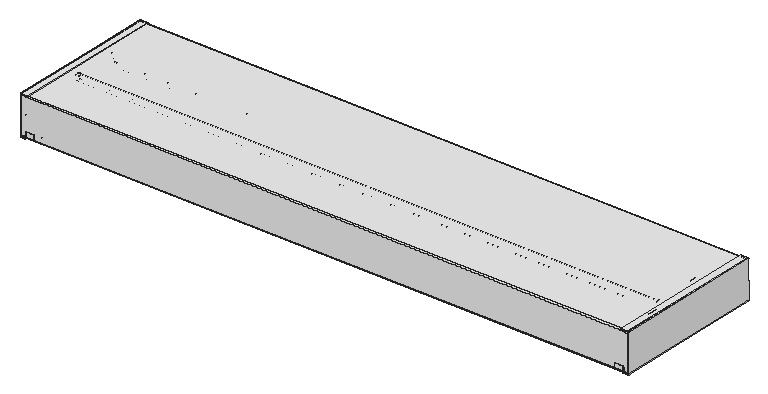
Revit family "LSTH", category Lighting Fixtures, host Ceiling, Revit 2019
Family settings
  Host = Ceiling
  Round Connector Dimension = Use Diameter
  Part Type = Normal
  OmniClass Number = 23.80.70.11.14.17
  OmniClass Title = Direct/Indirect
  Always vertical = Yes
  Cut with Voids When Loaded = No
  Light Source = Yes
  Shared = No
  Room Calculation Point = No
Parameters (values of type "LSTH1x4-LED840K040LUNV")
  Width = 0' - 11 3/4"
  Wattage = 33 W
  built-in parameter 1150110 = 1 (stored number, unit not read)
  Voltage = 120 V
  URL = "https://www.viscor.com/en/products/lsth"
  built-in parameter 1114217 = 0.9 (stored number, unit not read)
  Tilt Angle = 90.00°
  built-in parameter 1150109 = 1 (stored number, unit not read)
  built-in parameter 1150134 = 12
  built-in parameter 1150113 = 1 (stored number, unit not read)
  Reflector Width = Width / 2  # 0' - 5 7/8"
  Photometric Web File = "LSTH1x4-LED840K040LUNV.IES"
  Model = "LSTH"  # constant formula
  Manufacturer = "VISIONEERING by VISCOR"  # constant formula
  Lumens = 4092 lm
  built-in parameter 1150115 = 1 (stored number, unit not read)
  built-in parameter 1150105 = 325.63 (stored number, unit not read)
  built-in parameter 1150137 = (empty or 0)
  built-in parameter 1150139 = (empty or 0)
  Lens Finish = Acrylic - Viscor - Frosted White Impact Resistant
  Length = 3' - 11 3/4"
  Lamp Wattage = 33 VA
  built-in parameter 1150112 = 1 (stored number, unit not read)
  built-in parameter 1150114 = 1 (stored number, unit not read)
  Lamp = "LED"  # constant formula
  built-in parameter 1150132 = (empty or 0)
  built-in parameter 1150102 = (empty or 0)
  built-in parameter 1150138 = (empty or 0)
  built-in parameter 1150107 = 4000 (stored number, unit not read)
  built-in parameter 1150106 = 3.2563 (stored number, unit not read)
  Housing Finish = Metal - Viscor - White
  Emit from Rectangle Width = Width  # 0' - 11 3/4"
  Emit from Rectangle Length = Length  # 3' - 11 3/4"
  Emit Shape Visible in Rendering = no
  built-in parameter 1150104 = 11.52 (stored number, unit not read)
  Dimming Lamp Color Temperature Shift = <None>
  Description = "LED Surface  Type H"  # constant formula
  Color Filter = 16777215
  built-in parameter 1114218 = 1 (stored number, unit not read)
  built-in parameter 1150133 = 10 (stored number, unit not read)
  Assembly Code = "D5020200"
  Apparent Load = Lamp Wattage  # 33 VA
Types (5): name | Width | Wattage | Reflector Width | Photometric Web File | Lumens | built-in parameter 1150105 | Length | Lamp Wattage | built-in parameter 1150106 | Emit from Rectangle Width | Emit from Rectangle Length | built-in parameter 1150104 | Apparent Load
  (no name) | 0' - 11 3/4" | 33 W | 0' - 5 7/8" | "LSTH1x4-LED840K040LUNV.IES" | 4092 lm | 325.63 (stored number, unit not read) | 3' - 11 3/4" | 33 VA | 3.2563 (stored number, unit not read) | 0' - 11 3/4" | 3' - 11 3/4" | 11.52 (stored number, unit not read) | 33 VA
  LSTH2X2-LED840K020LUNV | 1' - 11 3/4" | 14 W | 0' - 11 7/8" | "LSTH2X2-LED840K020LUNV.ies" | 2016 lm | 160.43 (stored number, unit not read) | 1' - 11 3/4" | 14 VA | 1.6043 (stored number, unit not read) | 1' - 11 3/4" | 1' - 11 3/4" | 13.378 (stored number, unit not read) | 14 VA
  LSTH1x4-LED840K040LUNV | 0' - 11 3/4" | 33 W | 0' - 5 7/8" | "LSTH1x4-LED840K040LUNV.IES" | 4092 lm | 325.63 (stored number, unit not read) | 3' - 11 3/4" | 33 VA | 3.2563 (stored number, unit not read) | 0' - 11 3/4" | 3' - 11 3/4" | 11.52 (stored number, unit not read) | 33 VA
  LSTH2x4-LED840K040LUNV | 1' - 11 3/4" | 30 W | 0' - 11 7/8" | "LSTH2x4-LED840K040LUNV.IES" | 3780 lm | 300.8 (stored number, unit not read) | 3' - 11 3/4" | 30 VA | 3.008 (stored number, unit not read) | 1' - 11 3/4" | 3' - 11 3/4" | 11.706 (stored number, unit not read) | 30 VA
  LSTH2X2-LED840K032LUNV | 1' - 11 3/4" | 23 W | 0' - 11 7/8" | "LSTH2X2-LED840K032LUNV.ies" | 3197 lm | 254.41 (stored number, unit not read) | 1' - 11 3/4" | 23 VA | 2.5441 (stored number, unit not read) | 1' - 11 3/4" | 1' - 11 3/4" | 12.914 (stored number, unit not read) | 23 VA
Reference planes (in)
  plane 1 "Light Source Axis (F/B)": y = 0
  plane 2 "Ceiling": z = 96
  plane 3 "Light Source Axis (L/R)": x = 0
  plane 4 "Light Source Elevation": z = 92.76562
  plane 5: y = 5.875
  plane 6: y = -5.875
  plane 7: x = -23.875
  plane 8: x = 23.875
  plane 9 "FixtureHeight": z = 92.845
  plane 10: x = -23.8125
  plane 11: x = 23.8125
  plane 12: x = -23.438
  plane 13: x = 23.438
  plane 14: y = 5.438
  plane 15: y = -5.438
  plane 16: x = -22.8125
  plane 17: x = 22.8125
Forms (in)
  Extrusion 1, void
    sketch origin (0, 0, 96) x (1, 0, 0) y (0, 1, 0)
      loop
        line (-23.875, -5.875) -> (23.875, -5.875) -> (23.875, 5.875) -> (-23.875, 5.875) -> (-23.875, -5.875)
    from -3.23438 to 0.53094
  Extrusion 2, solid, material "Metal - Viscor - White" <- "Housing Finish"
    sketch origin (0, 0, 0) x (1, 0, 0) y (0, 0, 1)
      loop
        arc (-23.507, 92.845) -> (-23.45821, 92.86521) -> (-23.438, 92.914) r 0.069
        line (-23.438, 92.914) -> (-23.438, 93.189) -> (-23.46925, 93.189) -> (-23.46925, 92.914)
        arc (-23.46925, 92.914) -> (-23.48031, 92.88731) -> (-23.507, 92.87625) r 0.03775
        line (-23.507, 92.87625) -> (-23.806, 92.87625)
        arc (-23.806, 92.87625) -> (-23.83269, 92.88731) -> (-23.84375, 92.914) r 0.03775
        line (-23.84375, 92.914) -> (-23.84375, 95.838)
        arc (-23.84375, 95.838) -> (-23.83269, 95.86469) -> (-23.806, 95.87575) r 0.03775
        line (-23.806, 95.87575) -> (-23.25, 95.87575) -> (-23.25, 95.907) -> (-23.806, 95.907)
        arc (-23.806, 95.907) -> (-23.85479, 95.88679) -> (-23.875, 95.838) r 0.069
        line (-23.875, 95.838) -> (-23.875, 92.914)
        arc (-23.875, 92.914) -> (-23.85479, 92.86521) -> (-23.806, 92.845) r 0.069
        line (-23.806, 92.845) -> (-23.507, 92.845)
    from -5.875 to 5.875
  Extrusion 3, solid, material "Metal - Viscor - White" <- "Housing Finish"
    sketch origin (0, 0, 0) x (-1, 0, 0) y (0, 0, -1)
      loop
        line (-23.507, -92.845) -> (-23.806, -92.845)
        arc (-23.806, -92.845) -> (-23.85479, -92.86521) -> (-23.875, -92.914) r 0.069
        line (-23.875, -92.914) -> (-23.875, -95.838)
        arc (-23.875, -95.838) -> (-23.85479, -95.88679) -> (-23.806, -95.907) r 0.069
        line (-23.806, -95.907) -> (-23.25, -95.907) -> (-23.25, -95.87575) -> (-23.806, -95.87575)
        arc (-23.806, -95.87575) -> (-23.83269, -95.86469) -> (-23.84375, -95.838) r 0.03775
        line (-23.84375, -95.838) -> (-23.84375, -92.914)
        arc (-23.84375, -92.914) -> (-23.83269, -92.88731) -> (-23.806, -92.87625) r 0.03775
        line (-23.806, -92.87625) -> (-23.507, -92.87625)
        arc (-23.507, -92.87625) -> (-23.48031, -92.88731) -> (-23.46925, -92.914) r 0.03775
        line (-23.46925, -92.914) -> (-23.46925, -93.189) -> (-23.438, -93.189) -> (-23.438, -92.914)
        arc (-23.438, -92.914) -> (-23.45821, -92.86521) -> (-23.507, -92.845) r 0.069
    from -5.875 to 5.875
  Extrusion 4, solid, material "Metal - Viscor - White" <- "Housing Finish"
    sketch origin (0, 0, 0) x (0, 1, 0) y (0, 0, 1)
      loop
        line (5.50687, 92.875) -> (5.80687, 92.875)
        arc (5.80687, 92.875) -> (5.85566, 92.89521) -> (5.87587, 92.944) r 0.069
        line (5.87587, 92.944) -> (5.87587, 95.806)
        arc (5.87587, 95.806) -> (5.85446, 95.85596) -> (5.80352, 95.87492) r 0.069
        line (5.80352, 95.87492) -> (-5.80515, 95.87492)
        arc (-5.80515, 95.87492) -> (-5.85391, 95.85472) -> (-5.87411, 95.80596) r 0.06896
        line (-5.87411, 95.80596) -> (-5.87411, 92.94399)
        arc (-5.87411, 92.94399) -> (-5.8539, 92.89521) -> (-5.80512, 92.87501) r 0.06899
        line (-5.80512, 92.87501) -> (-5.50513, 92.87501)
        arc (-5.50513, 92.87501) -> (-5.45634, 92.89521) -> (-5.43613, 92.944) r 0.069
        line (-5.43613, 92.944) -> (-5.43613, 93.616)
        arc (-5.43613, 93.616) -> (-5.42471, 93.64358) -> (-5.39713, 93.655) r 0.039
        line (-5.39713, 93.655) -> (-4.85013, 93.655) -> (-4.85013, 93.68625) -> (-5.39713, 93.68625)
        arc (-5.39713, 93.68625) -> (-5.4468, 93.66567) -> (-5.46738, 93.616) r 0.07025
        line (-5.46738, 93.616) -> (-5.46738, 92.944)
        arc (-5.46738, 92.944) -> (-5.47843, 92.91731) -> (-5.50513, 92.90626) r 0.03775
        line (-5.50513, 92.90626) -> (-5.80512, 92.90626)
        arc (-5.80512, 92.90626) -> (-5.8318, 92.91731) -> (-5.84286, 92.94399) r 0.03774
        line (-5.84286, 92.94399) -> (-5.84286, 95.80596)
        arc (-5.84286, 95.80596) -> (-5.83181, 95.83262) -> (-5.80515, 95.84367) r 0.03771
        line (-5.80515, 95.84367) -> (5.80439, 95.84367)
        arc (5.80439, 95.84367) -> (5.83267, 95.83356) -> (5.84462, 95.806) r 0.03775
        line (5.84462, 95.806) -> (5.84462, 92.944)
        arc (5.84462, 92.944) -> (5.83357, 92.91731) -> (5.80687, 92.90625) r 0.03775
        line (5.80687, 92.90625) -> (5.50687, 92.90625)
        arc (5.50687, 92.90625) -> (5.48018, 92.91731) -> (5.46912, 92.944) r 0.03775
        line (5.46912, 92.944) -> (5.46912, 93.616)
        arc (5.46912, 93.616) -> (5.44855, 93.66567) -> (5.39887, 93.68625) r 0.07025
        line (5.39887, 93.68625) -> (4.85188, 93.68625) -> (4.85188, 93.655) -> (5.39887, 93.655)
        arc (5.39887, 93.655) -> (5.42645, 93.64358) -> (5.43787, 93.616) r 0.039
        line (5.43787, 93.616) -> (5.43787, 92.944)
        arc (5.43787, 92.944) -> (5.45808, 92.89521) -> (5.50687, 92.875) r 0.069
    from -23.8125 to 23.8125
  Extrusion 5, solid, material "Metal - Viscor - White" <- "Housing Finish"
    sketch origin (0, 0, 0) x (0, 1, 0) y (0, 0, 1)
      loop
        line (1.93837, 95.845) -> (1.60237, 95.845)
        arc (1.60237, 95.845) -> (1.55358, 95.82479) -> (1.53337, 95.776) r 0.069
        line (1.53337, 95.776) -> (1.53337, 95.634)
        arc (1.53337, 95.634) -> (1.52195, 95.60642) -> (1.49437, 95.595) r 0.039
        line (1.49437, 95.595) -> (-1.49263, 95.595)
        arc (-1.49263, 95.595) -> (-1.5202, 95.60642) -> (-1.53163, 95.634) r 0.039
        line (-1.53163, 95.634) -> (-1.53163, 95.776)
        arc (-1.53163, 95.776) -> (-1.55184, 95.82479) -> (-1.60063, 95.845) r 0.069
        line (-1.60063, 95.845) -> (-1.93663, 95.845) -> (-1.93663, 95.81375) -> (-1.60063, 95.81375)
        arc (-1.60063, 95.81375) -> (-1.57393, 95.80269) -> (-1.56288, 95.776) r 0.03775
        line (-1.56288, 95.776) -> (-1.56288, 95.634)
        arc (-1.56288, 95.634) -> (-1.5423, 95.58433) -> (-1.49263, 95.56375) r 0.07025
        line (-1.49263, 95.56375) -> (1.49437, 95.56375)
        arc (1.49437, 95.56375) -> (1.54405, 95.58433) -> (1.56462, 95.634) r 0.07025
        line (1.56462, 95.634) -> (1.56462, 95.776)
        arc (1.56462, 95.776) -> (1.57568, 95.80269) -> (1.60237, 95.81375) r 0.03775
        line (1.60237, 95.81375) -> (1.93837, 95.81375) -> (1.93837, 95.845)
    from -22.8125 to 22.8125
  Extrusion 6, solid, material "Metal - Viscor - White" <- "Housing Finish"
    sketch origin (0, 0, 0) x (0, 1, 0) y (0, 0, 1)
      loop
        line (4.84187, 92.875) -> (5.27987, 92.875)
        arc (5.27987, 92.875) -> (5.32371, 92.89316) -> (5.34187, 92.937) r 0.062
        line (5.34187, 92.937) -> (5.34187, 93.501)
        arc (5.34187, 93.501) -> (5.32371, 93.54484) -> (5.27987, 93.563) r 0.062
        line (5.27987, 93.563) -> (5.09187, 93.563) -> (5.09187, 93.53175) -> (5.27987, 93.53175)
        arc (5.27987, 93.53175) -> (5.30162, 93.52274) -> (5.31062, 93.501) r 0.03075
        line (5.31062, 93.501) -> (5.31062, 92.937)
        arc (5.31062, 92.937) -> (5.30162, 92.91526) -> (5.27987, 92.90625) r 0.03075
        line (5.27987, 92.90625) -> (4.8456, 92.90625) -> (1.98211, 95.05215) -> (1.57158, 95.09099)
        arc (1.57158, 95.09099) -> (1.54935, 95.11683) -> (1.56463, 95.1473) r 0.03075
        line (1.56463, 95.1473) -> (1.83557, 95.302) -> (1.82008, 95.32914) -> (1.54913, 95.17444)
        arc (1.54913, 95.17444) -> (1.51856, 95.11137) -> (1.56634, 95.06009) r 0.062
        line (1.56634, 95.06009) -> (1.97693, 95.02125) -> (4.84187, 92.875)
    from -22.8125 to 22.8125
  Extrusion 7, solid, material "Metal - Viscor - White" <- "Housing Finish"
    sketch origin (0, 0, 0) x (0, -1, 0) y (0, 0, -1)
      loop
        line (4.84187, -92.875) -> (1.97693, -95.02125) -> (1.56634, -95.06009)
        arc (1.56634, -95.06009) -> (1.51856, -95.11137) -> (1.54913, -95.17444) r 0.062
        line (1.54913, -95.17444) -> (1.82008, -95.32914) -> (1.83557, -95.302) -> (1.56463, -95.1473)
        arc (1.56463, -95.1473) -> (1.54935, -95.11683) -> (1.57158, -95.09099) r 0.03075
        line (1.57158, -95.09099) -> (1.98211, -95.05215) -> (4.8456, -92.90625) -> (5.27987, -92.90625)
        arc (5.27987, -92.90625) -> (5.30162, -92.91526) -> (5.31062, -92.937) r 0.03075
        line (5.31062, -92.937) -> (5.31062, -93.501)
        arc (5.31062, -93.501) -> (5.30162, -93.52274) -> (5.27987, -93.53175) r 0.03075
        line (5.27987, -93.53175) -> (5.09187, -93.53175) -> (5.09187, -93.563) -> (5.27987, -93.563)
        arc (5.27987, -93.563) -> (5.32371, -93.54484) -> (5.34187, -93.501) r 0.062
        line (5.34187, -93.501) -> (5.34187, -92.937)
        arc (5.34187, -92.937) -> (5.32371, -92.89316) -> (5.27987, -92.875) r 0.062
        line (5.27987, -92.875) -> (4.84187, -92.875)
    from -22.8125 to 22.8125
  Extrusion 8, solid, material "Acrylic - Viscor - Frosted White Impact Resistant" <- "Lens Finish"
    sketch origin (0, 0, 0) x (0, 1, 0) y (0, 0, 1)
      loop
        arc (1.745, 95.30738) -> (1.76423, 95.31942) -> (1.75983, 95.34168) r 0.02
        arc (1.75983, 95.34168) -> (1.73604, 95.35763) -> (1.70813, 95.36404) r 0.079
        line (1.70813, 95.36404) -> (1.59923, 95.3688)
        arc (1.59923, 95.3688) -> (1.50789, 95.34384) -> (1.44812, 95.2704) r 0.155
        line (1.44812, 95.2704) -> (1.41638, 95.18925)
        arc (1.41638, 95.18925) -> (1.42839, 95.05362) -> (1.54373, 94.98127) r 0.153
        line (1.54373, 94.98127) -> (1.9746, 94.93842)
        arc (1.9746, 94.93842) -> (2.00796, 94.92699) -> (2.03274, 94.9019) r 0.07705
        line (2.03274, 94.9019) -> (2.1693, 94.67823)
        arc (2.1693, 94.67823) -> (0.00087, 93.49739) -> (-2.16755, 94.67823) r 2.58141
        line (-2.16755, 94.67823) -> (-2.03099, 94.9019)
        arc (-2.03099, 94.9019) -> (-2.00622, 94.92699) -> (-1.97286, 94.93842) r 0.07705
        line (-1.97286, 94.93842) -> (-1.54198, 94.98127)
        arc (-1.54198, 94.98127) -> (-1.42665, 95.05362) -> (-1.41464, 95.18925) r 0.153
        line (-1.41464, 95.18925) -> (-1.44638, 95.2704)
        arc (-1.44638, 95.2704) -> (-1.50615, 95.34384) -> (-1.59749, 95.3688) r 0.155
        line (-1.59749, 95.3688) -> (-1.70639, 95.36404)
        arc (-1.70639, 95.36404) -> (-1.7343, 95.35763) -> (-1.75809, 95.34168) r 0.079
        arc (-1.75809, 95.34168) -> (-1.76248, 95.31942) -> (-1.74326, 95.30738) r 0.02
        line (-1.74326, 95.30738) -> (-1.59509, 95.31385)
        arc (-1.59509, 95.31385) -> (-1.53616, 95.29774) -> (-1.4976, 95.25037) r 0.1
        line (-1.4976, 95.25037) -> (-1.46586, 95.16922)
        arc (-1.46586, 95.16922) -> (-1.47355, 95.08235) -> (-1.54743, 95.036) r 0.098
        line (-1.54743, 95.036) -> (-1.9783, 94.99315)
        arc (-1.9783, 94.99315) -> (-2.03547, 94.97356) -> (-2.07793, 94.93056) r 0.13205
        line (-2.07793, 94.93056) -> (-2.20665, 94.71975)
        arc (-2.20665, 94.71975) -> (-2.21912, 94.67393) -> (-2.20512, 94.62856) r 0.08519
        arc (-2.20512, 94.62856) -> (0.00087, 93.4388) -> (2.20687, 94.62856) r 2.64
        arc (2.20687, 94.62856) -> (2.22086, 94.67393) -> (2.20839, 94.71975) r 0.08519
        line (2.20839, 94.71975) -> (2.07968, 94.93056)
        arc (2.07968, 94.93056) -> (2.03722, 94.97356) -> (1.98005, 94.99315) r 0.13205
        line (1.98005, 94.99315) -> (1.54917, 95.036)
        arc (1.54917, 95.036) -> (1.4753, 95.08235) -> (1.4676, 95.16922) r 0.098
        line (1.4676, 95.16922) -> (1.49934, 95.25037)
        arc (1.49934, 95.25037) -> (1.53791, 95.29774) -> (1.59683, 95.31385) r 0.1
        line (1.59683, 95.31385) -> (1.745, 95.30738)
    from -22.8125 to 22.8125
  Extrusion 9, solid
    sketch origin (0, 0, 0) x (0, 1, 0) y (0, 0, 1)
      loop
        line (-2.61813, 95.845) -> (-3.30513, 95.845)
        arc (-3.30513, 95.845) -> (-3.34968, 95.82655) -> (-3.36813, 95.782) r 0.063
        line (-3.36813, 95.782) -> (-3.36813, 94.609)
        arc (-3.36813, 94.609) -> (-3.37955, 94.58142) -> (-3.40713, 94.57) r 0.039
        line (-3.40713, 94.57) -> (-5.84413, 94.57) -> (-5.84413, 94.53875) -> (-3.40713, 94.53875)
        arc (-3.40713, 94.53875) -> (-3.35745, 94.55933) -> (-3.33688, 94.609) r 0.07025
        line (-3.33688, 94.609) -> (-3.33688, 95.782)
        arc (-3.33688, 95.782) -> (-3.32758, 95.80445) -> (-3.30513, 95.81375) r 0.03175
        line (-3.30513, 95.81375) -> (-2.61813, 95.81375) -> (-2.61813, 95.845)
    from -23.438 to 23.438
  SweptBlend 10, solid, material "Metal - Viscor - White" <- "Housing Finish"
    path origin (0, 0, 96) x (1, 0, 0) y (0, 1, 0)
      loop
        line (-23.438, 0) -> (-22.8125, 0)
    profile "LSTH-FRME : LSTH-FRME" origin (-23.438, 0, 96) x (0, 1, 0) y (0, 0, 1)
      loop
        line (-5.875, -2.645) -> (-5.875, -3.095) -> (5.875, -3.095) -> (5.875, -2.645) -> (1.15693, -0.845) -> (0.62413, -0.845) -> (0.62413, -0.97) -> (-0.62587, -0.97) -> (-0.62587, -0.845) -> (-1.15693, -0.845) -> (-5.875, -2.645)
    end profile "LSTH-FRME : LSTH-FRME" origin (-22.8125, 0, 96) x (0, 1, 0) y (0, 0, 1)
      loop
        line (-5.875, -2.645) -> (-5.875, -3.095) -> (5.875, -3.095) -> (5.875, -2.645) -> (1.15693, -0.845) -> (0.62413, -0.845) -> (0.62413, -0.97) -> (-0.62587, -0.97) -> (-0.62587, -0.845) -> (-1.15693, -0.845) -> (-5.875, -2.645)
  SweptBlend 11, solid, material "Metal - Viscor - White" <- "Housing Finish"
    path origin (0, 0, 96) x (-1, 0, 0) y (0, 1, 0)
      loop
        line (-23.438, 0) -> (-22.8125, 0)
    profile "LSTH-FRME : LSTH-FRME" origin (23.438, 0, 96) x (0, -1, 0) y (0, 0, 1)
      loop
        line (5.875, -2.645) -> (1.15693, -0.845) -> (0.62587, -0.845) -> (0.62587, -0.97) -> (-0.62413, -0.97) -> (-0.62413, -0.845) -> (-1.15693, -0.845) -> (-5.875, -2.645) -> (-5.875, -3.095) -> (5.875, -3.095) -> (5.875, -2.645)
    end profile "LSTH-FRME : LSTH-FRME" origin (22.8125, 0, 96) x (0, -1, 0) y (0, 0, 1)
      loop
        line (5.875, -2.645) -> (1.15693, -0.845) -> (0.62587, -0.845) -> (0.62587, -0.97) -> (-0.62413, -0.97) -> (-0.62413, -0.845) -> (-1.15693, -0.845) -> (-5.875, -2.645) -> (-5.875, -3.095) -> (5.875, -3.095) -> (5.875, -2.645)
Dimensions and locks (in)
  equal spacing: host sketch curve, plane 3 "Light Source Axis (L/R)", host sketch curve
  equal spacing: host sketch curve, plane 1 "Light Source Axis (F/B)", host sketch curve
  host sketch curve to host sketch curve = 10' - 0"  (x2)
  equal spacing: plane 7, plane 3 "Light Source Axis (L/R)", plane 8
  "Length": plane 7 to plane 8
  equal spacing: plane 5, plane 1 "Light Source Axis (F/B)", plane 6
  "Width": plane 5 to plane 6
  plane 4 "Light Source Elevation" to plane 2 "Ceiling" = 0' - 3 15/64"
  locked: plane 2 "Ceiling" to plane 9 "FixtureHeight" at 3.155
  locked: plane 7 to plane 10 at 0.0625
  locked: plane 11 to plane 8 at 0.0625
  locked: plane 7 to plane 12 at 0.437
  locked: plane 13 to plane 8 at 0.437
  locked: plane 5 to plane 14 at 0.437
  locked: plane 15 to plane 6 at 0.437
  locked: plane 7 to plane 16 at 1.0625
  locked: plane 17 to plane 8 at 1.0625
  aligned and locked: plane 3 "Light Source Axis (L/R)" to imposter light
  aligned and locked: plane 1 "Light Source Axis (F/B)" to imposter light
  aligned and locked: plane 4 "Light Source Elevation" to imposter light
  aligned and locked: Extrusion 1 to imposter light
  aligned and locked: Extrusion 1 to plane 7
  aligned and locked: plane 8 to Extrusion 1
  aligned and locked: plane 5 to Extrusion 2
  aligned and locked: plane 5 to Extrusion 3
  aligned and locked: Extrusion 2 to plane 6
  aligned and locked: Extrusion 3 to plane 6
  aligned and locked: Extrusion 4 to plane 10
  aligned and locked: plane 11 to Extrusion 4
  aligned and locked: Extrusion 5 to plane 16
  aligned and locked: plane 17 to Extrusion 5
  aligned and locked: Extrusion 6 to plane 16
  aligned and locked: plane 17 to Extrusion 6
  aligned and locked: Extrusion 7 to plane 16
  aligned and locked: plane 17 to Extrusion 7
  aligned and locked: Extrusion 8 to plane 16
  aligned and locked: plane 17 to Extrusion 8
  aligned and locked: plane 13 to Extrusion 9
  aligned and locked: plane 1 "Light Source Axis (F/B)" to SweptBlend 10 sketch curve
  aligned and locked: plane 12 to SweptBlend 10 sketch curve
  aligned and locked: plane 16 to SweptBlend 10 sketch curve
  aligned and locked: Extrusion 9 to plane 12
Automatic sketch dimensions
  Extrusion 1 sketch curve to plane 5 = 0' - 0"
  Extrusion 1 sketch curve to plane 7 = 0' - 0"
  Extrusion 1 sketch curve to plane 8 = 0' - 0"
  Extrusion 1 sketch curve to plane 6 = 0' - 0"
  Extrusion 2 sketch curve to Extrusion 2 sketch curve = 0' - 0"  (x6)
  Extrusion 2 sketch curve to plane 7 = 0' - 0"
  Extrusion 2 sketch curve to plane 9 "FixtureHeight" = 0' - 0"
  Extrusion 2 sketch curve to plane 12 = 0' - 0"
  Extrusion 2 sketch curve to Extrusion 2 sketch curve = 0' - 0 1/32"
  plane 10 to Extrusion 2 sketch curve = 0' - 0.0065"  (x2)
  Extrusion 2 sketch curve to Extrusion 2 sketch curve = 0' - 0.03775"
  Extrusion 2 sketch curve to plane 2 "Ceiling" = 0' - 0.093"
  plane 12 to Extrusion 2 sketch curve = 0' - 0.188"
  Extrusion 2 sketch curve to Extrusion 2 sketch curve = 0' - 0.275"
  Extrusion 3 sketch curve to Extrusion 3 sketch curve = 0' - 0"  (x6)
  Extrusion 3 sketch curve to plane 8 = 0' - 0"
  Extrusion 3 sketch curve to plane 9 "FixtureHeight" = 0' - 0"
  Extrusion 3 sketch curve to plane 13 = 0' - 0"
  plane 8 to Extrusion 3 sketch curve = 0' - 0 1/32"
  plane 11 to Extrusion 3 sketch curve = 0' - 0.0065"  (x2)
  Extrusion 3 sketch curve to Extrusion 3 sketch curve = 0' - 0.03775"
  plane 2 "Ceiling" to Extrusion 3 sketch curve = 0' - 0.093"
  plane 13 to Extrusion 3 sketch curve = 0' - 0.188"
  Extrusion 3 sketch curve to Extrusion 3 sketch curve = 0' - 0.275"
  Extrusion 4 sketch curve to Extrusion 4 sketch curve = 0' - 0"  (x16)
  plane 6 to Extrusion 4 sketch curve = 0' - 0.00089"
  Extrusion 4 sketch curve to Extrusion 4 sketch curve = 0' - 0 1/32"
  Extrusion 4 sketch curve to Extrusion 4 sketch curve = 0' - 0.03771"
  plane 9 "FixtureHeight" to Extrusion 4 sketch curve = 0' - 0.03001"
  plane 6 to Extrusion 4 sketch curve = 0' - 0.06988"
  Extrusion 4 sketch curve to plane 15 = 0' - 0.06713"
  Extrusion 4 sketch curve to plane 15 = 0' - 0.02938"
  plane 15 to Extrusion 4 sketch curve = 0' - 0.04087"
  Extrusion 4 sketch curve to Extrusion 4 sketch curve = 0' - 0.547"
  Extrusion 4 sketch curve to plane 14 = 0' - 0.58612"
  Extrusion 4 sketch curve to plane 14 = 0' - 0.03913"
  Extrusion 4 sketch curve to plane 14 = 0' - 0.00013"
  plane 14 to Extrusion 4 sketch curve = 0' - 0.03112"
  Extrusion 4 sketch curve to Extrusion 4 sketch curve = 0' - 0.03775"
  Extrusion 4 sketch curve to plane 5 = 0' - 0.07148"
  Extrusion 4 sketch curve to Extrusion 4 sketch curve = 0' - 0.00087"
  Extrusion 4 sketch curve to Extrusion 4 sketch curve = 0' - 0.00248"
  plane 9 "FixtureHeight" to Extrusion 4 sketch curve = 0' - 0.03"
  Extrusion 4 sketch curve to plane 5 = 0' - 0.06813"
  Extrusion 4 sketch curve to Extrusion 4 sketch curve = 0' - 0.672"  (x2)
  Extrusion 4 sketch curve to plane 2 "Ceiling" = 0' - 0.19404"
  Extrusion 5 sketch curve to Extrusion 5 sketch curve = 0' - 0"  (x8)
  Extrusion 5 sketch curve to plane 2 "Ceiling" = 0' - 0.155"
  plane 1 "Light Source Axis (F/B)" to Extrusion 5 sketch curve = 0' - 1.93663"
  Extrusion 5 sketch curve to Extrusion 5 sketch curve = 0' - 0.336"  (x2)
  Extrusion 5 sketch curve to Extrusion 5 sketch curve = 0' - 0.03775"  (x2)
  Extrusion 5 sketch curve to Extrusion 5 sketch curve = 0' - 0 1/32"
  Extrusion 5 sketch curve to Extrusion 5 sketch curve = 0' - 0.039"  (x2)
  Extrusion 5 sketch curve to plane 2 "Ceiling" = 0' - 0.405"
  Extrusion 5 sketch curve to plane 1 "Light Source Axis (F/B)" = 0' - 1.49437"
  Extrusion 5 sketch curve to Extrusion 5 sketch curve = 0' - 0.142"
  Extrusion 6 sketch curve to Extrusion 6 sketch curve = 0' - 0"  (x6)
  Extrusion 6 sketch curve to plane 1 "Light Source Axis (F/B)" = 0' - 1.54913"
  Extrusion 6 sketch curve to plane 2 "Ceiling" = 0' - 0.8527"
  Extrusion 6 sketch curve to Extrusion 6 sketch curve = 0' - 0.01549"
  Extrusion 6 sketch curve to plane 2 "Ceiling" = 0' - 0.93991"
  Extrusion 6 sketch curve to Extrusion 6 sketch curve = 0' - 0.00171"
  Extrusion 6 sketch curve to Extrusion 6 sketch curve = 0' - 0.00524"
  Extrusion 6 sketch curve to Extrusion 6 sketch curve = 0' - 0.01525"
  Extrusion 6 sketch curve to plane 2 "Ceiling" = 0' - 0.67086"
  Extrusion 6 sketch curve to Extrusion 6 sketch curve = 0' - 0.27095"
  Extrusion 6 sketch curve to plane 2 "Ceiling" = 0' - 0.698"
  Extrusion 6 sketch curve to plane 2 "Ceiling" = 0' - 0.97875"
  Extrusion 6 sketch curve to Extrusion 6 sketch curve = 0' - 0.14136"
  Extrusion 6 sketch curve to plane 2 "Ceiling" = 0' - 0.94785"
  Extrusion 6 sketch curve to Extrusion 6 sketch curve = 0' - 0.00517"
  plane 9 "FixtureHeight" to Extrusion 6 sketch curve = 0' - 0.03"
  Extrusion 6 sketch curve to plane 14 = 0' - 0.59613"
  plane 9 "FixtureHeight" to Extrusion 6 sketch curve = 0' - 0.06125"
  Extrusion 6 sketch curve to Extrusion 6 sketch curve = 0' - 0.00373"
  Extrusion 6 sketch curve to plane 14 = 0' - 0.34613"
  Extrusion 6 sketch curve to plane 14 = 0' - 0.15813"  (x2)
  Extrusion 6 sketch curve to Extrusion 6 sketch curve = 0' - 0.03075"
  Extrusion 6 sketch curve to Extrusion 6 sketch curve = 0' - 0.564"
  Extrusion 7 sketch curve to Extrusion 7 sketch curve = 0' - 0"  (x6)
  Extrusion 7 sketch curve to plane 1 "Light Source Axis (F/B)" = 0' - 1.54913"
  plane 2 "Ceiling" to Extrusion 7 sketch curve = 0' - 0.8527"
  Extrusion 7 sketch curve to Extrusion 7 sketch curve = 0' - 0.01549"
  plane 2 "Ceiling" to Extrusion 7 sketch curve = 0' - 0.93991"
  Extrusion 7 sketch curve to Extrusion 7 sketch curve = 0' - 0.00171"
  Extrusion 7 sketch curve to Extrusion 7 sketch curve = 0' - 0.00524"
  Extrusion 7 sketch curve to Extrusion 7 sketch curve = 0' - 0.01525"
  plane 2 "Ceiling" to Extrusion 7 sketch curve = 0' - 0.67086"
  Extrusion 7 sketch curve to Extrusion 7 sketch curve = 0' - 0.27095"
  plane 2 "Ceiling" to Extrusion 7 sketch curve = 0' - 0.698"
  plane 2 "Ceiling" to Extrusion 7 sketch curve = 0' - 0.97875"
  Extrusion 7 sketch curve to Extrusion 7 sketch curve = 0' - 0.14136"
  plane 2 "Ceiling" to Extrusion 7 sketch curve = 0' - 0.94785"
  Extrusion 7 sketch curve to Extrusion 7 sketch curve = 0' - 0.00517"
  Extrusion 7 sketch curve to plane 9 "FixtureHeight" = 0' - 0.03"
  Extrusion 7 sketch curve to plane 15 = 0' - 0.59613"
  Extrusion 7 sketch curve to plane 9 "FixtureHeight" = 0' - 0.06125"
  Extrusion 7 sketch curve to Extrusion 7 sketch curve = 0' - 0.00373"
  Extrusion 7 sketch curve to plane 15 = 0' - 0.34613"
  Extrusion 7 sketch curve to plane 15 = 0' - 0.15813"  (x2)
  Extrusion 7 sketch curve to Extrusion 7 sketch curve = 0' - 0.03075"
  Extrusion 7 sketch curve to Extrusion 7 sketch curve = 0' - 0.564"
  Extrusion 8 sketch curve to Extrusion 8 sketch curve = 0' - 0"  (x15)
  plane 1 "Light Source Axis (F/B)" to Extrusion 8 sketch curve = 0' - 2.20665"
  Extrusion 8 sketch curve to Extrusion 8 sketch curve = 0' - 0.03909"  (x2)
  Extrusion 8 sketch curve to Extrusion 8 sketch curve = 0' - 0.03361"  (x2)
  Extrusion 8 sketch curve to Extrusion 8 sketch curve = 0' - 0.12871"
  Extrusion 8 sketch curve to Extrusion 8 sketch curve = 0' - 0.04694"
  Extrusion 8 sketch curve to plane 2 "Ceiling" = 0' - 1.00685"  (x2)
  Extrusion 8 sketch curve to Extrusion 8 sketch curve = 0' - 0.05269"
  Extrusion 8 sketch curve to Extrusion 8 sketch curve = 0' - 0.00544"  (x4)
  Extrusion 8 sketch curve to Extrusion 8 sketch curve = 0' - 0.00763"  (x2)
  Extrusion 8 sketch curve to Extrusion 8 sketch curve = 0' - 0.23417"
  Extrusion 8 sketch curve to plane 2 "Ceiling" = 0' - 0.69262"  (x2)
  Extrusion 8 sketch curve to Extrusion 8 sketch curve = 0' - 0.00087"  (x2)
  Extrusion 8 sketch curve to plane 2 "Ceiling" = 0' - 0.63596"  (x2)
  Extrusion 8 sketch curve to Extrusion 8 sketch curve = 0' - 0.03774"
  Extrusion 8 sketch curve to Extrusion 8 sketch curve = 0' - 0.04032"  (x2)
  Extrusion 8 sketch curve to plane 2 "Ceiling" = 0' - 0.6312"
  Extrusion 8 sketch curve to Extrusion 8 sketch curve = 0' - 0.1089"
  Extrusion 8 sketch curve to plane 2 "Ceiling" = 0' - 0.68615"  (x2)
  Extrusion 8 sketch curve to Extrusion 8 sketch curve = 0' - 0.0024"  (x2)
  Extrusion 8 sketch curve to Extrusion 8 sketch curve = 0' - 0.00436"  (x2)
  Extrusion 8 sketch curve to Extrusion 8 sketch curve = 0' - 0.0336"  (x2)
  Extrusion 8 sketch curve to plane 2 "Ceiling" = 0' - 0.964"
  Extrusion 8 sketch curve to Extrusion 8 sketch curve = 0' - 0.0097"
  Extrusion 8 sketch curve to plane 2 "Ceiling" = 0' - 1.01873"
  Extrusion 8 sketch curve to plane 2 "Ceiling" = 0' - 0.74963"
  Extrusion 8 sketch curve to Extrusion 8 sketch curve = 0' - 0.09313"
  Extrusion 8 sketch curve to plane 2 "Ceiling" = 0' - 0.83078"
  Extrusion 8 sketch curve to Extrusion 8 sketch curve = 0' - 0.03174"  (x2)
  Extrusion 8 sketch curve to plane 2 "Ceiling" = 0' - 0.7296"
  Extrusion 8 sketch curve to plane 2 "Ceiling" = 0' - 0.81075"  (x2)
  Extrusion 8 sketch curve to plane 1 "Light Source Axis (F/B)" = 0' - 0.00087"
  Extrusion 8 sketch curve to plane 1 "Light Source Axis (F/B)" = 0' - 1.41638"
  Extrusion 8 sketch curve to Extrusion 8 sketch curve = 0' - 0.05122"  (x2)
  Extrusion 8 sketch curve to Extrusion 8 sketch curve = 0' - 0.07613"
  Extrusion 8 sketch curve to Extrusion 8 sketch curve = 0' - 0.09127"
  Extrusion 8 sketch curve to Extrusion 8 sketch curve = 0' - 0.10785"
  Extrusion 8 sketch curve to Extrusion 8 sketch curve = 0' - 0.00345"
  Extrusion 8 sketch curve to Extrusion 8 sketch curve = 0' - 0.42325"
  Extrusion 8 sketch curve to plane 2 "Ceiling" = 0' - 1.06158"
  Extrusion 8 sketch curve to plane 2 "Ceiling" = 0' - 1.0981"
  Extrusion 8 sketch curve to Extrusion 8 sketch curve = 0' - 0.05813"
  Extrusion 8 sketch curve to plane 2 "Ceiling" = 0' - 1.06944"
  Extrusion 8 sketch curve to Extrusion 8 sketch curve = 0' - 0.10295"
  Extrusion 8 sketch curve to plane 2 "Ceiling" = 0' - 1.32177"
  Extrusion 8 sketch curve to plane 2 "Ceiling" = 0' - 1.28025"
  Extrusion 8 sketch curve to Extrusion 8 sketch curve = 0' - 0.00287"  (x2)
  Extrusion 8 sketch curve to Extrusion 8 sketch curve = 0' - 0.04152"
  Extrusion 8 sketch curve to Extrusion 8 sketch curve = 0' - 0.1314"
  Extrusion 8 sketch curve to Extrusion 8 sketch curve = 0' - 0.02866"
  Extrusion 8 sketch curve to Extrusion 8 sketch curve = 0' - 0.20798"
  Extrusion 8 sketch curve to Extrusion 8 sketch curve = 0' - 0.05473"
  Extrusion 8 sketch curve to Extrusion 8 sketch curve = 0' - 0.08042"
  Extrusion 8 sketch curve to Extrusion 8 sketch curve = 0' - 0.02003"
  Extrusion 8 sketch curve to Extrusion 8 sketch curve = 0' - 0.02226"  (x2)
  Extrusion 8 sketch curve to Extrusion 8 sketch curve = 0' - 0.01998"  (x2)
  plane 2 "Ceiling" to Extrusion 8 sketch curve = 0' - 0.0788"
  Extrusion 9 sketch curve to Extrusion 9 sketch curve = 0' - 0"  (x4)
  plane 6 to Extrusion 9 sketch curve = 0' - 0.03087"
  plane 15 to Extrusion 9 sketch curve = 0' - 2.03087"
  Extrusion 9 sketch curve to plane 2 "Ceiling" = 0' - 0.218"
  Extrusion 9 sketch curve to Extrusion 9 sketch curve = 0' - 0.039"
  Extrusion 9 sketch curve to Extrusion 9 sketch curve = 0' - 0 1/32"
  Extrusion 9 sketch curve to Extrusion 9 sketch curve = 0' - 0.03175"
  Extrusion 9 sketch curve to Extrusion 9 sketch curve = 0' - 0.687"
  Extrusion 9 sketch curve to Extrusion 9 sketch curve = 0' - 1.173"
  plane 1 "Light Source Axis (F/B)" to SweptBlend 11 sketch curve = 0' - 0"
  SweptBlend 11 sketch curve to plane 13 = 0' - 0"
  SweptBlend 11 sketch curve to plane 17 = 0' - 0"
Connectors (in)
  electrical at (0, 0, 92.76562), driven by "Voltage", driven by "Apparent Load"
    settings: index 1, voltage 120 V, apparent load 0 VA, apparent load phase1 33 VA, apparent load phase2 0 VA, apparent load phase3 0 VA, power factor 1, load classification "Other", number of poles 1, system type 31, power factor state 1, is connector primary yes, connector utility no, sub classification motor no, connector description ""
